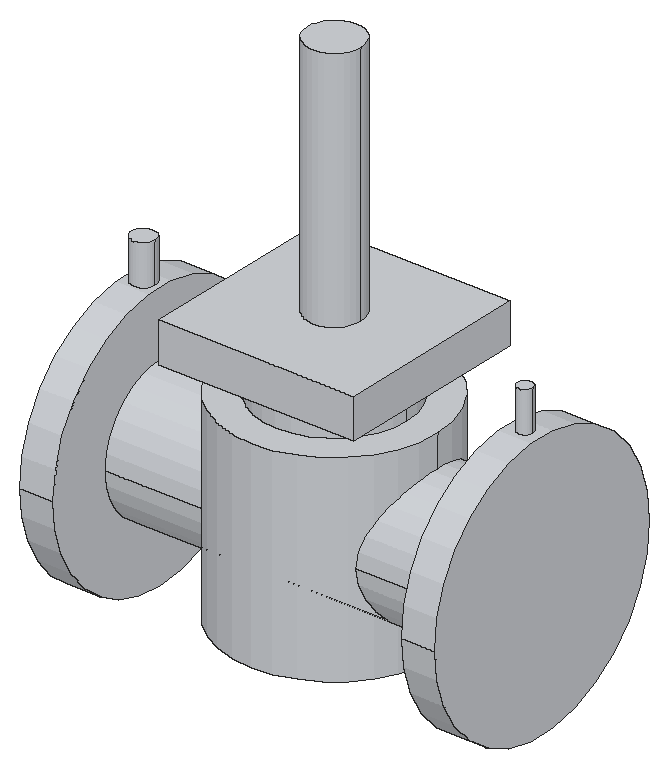
Revit family "OPTIMA_Compact_FLANGE_PN16_DN080-HF_RFA_2019", category Pipe Accessories, Revit 2019
Family settings
  Round Connector Dimension = Use Diameter
  Part Type = Valve - Breaks Into
  Work Plane-Based = No
  Always vertical = Yes
  Cut with Voids When Loaded = No
  Shared = No
Parameters (values of type "Optima Compact Flange PN16 DN080 HF")
  magiProductId = "Frese Optima Flange DN080 HF"
  magiProductFamilyId = "Frese Optima Flange *"
  magiPartTypeId = 304
  isMeasuringValve [instance] = no
  ang2D [instance] = 0.00°
  W2D = 50 mm
  VersionID = "2.0/2018.8.28.1/FRESE_OPTIMA_FLANGE_Q13_002"
  Use Minimum Symbol Size [instance] = yes
  URL = "www.hydronix.cz"
  Type Comments = "Přírubový; PN16; 0~120°C, s měřením"
  R4 = 54.25 mm
  R3 = 52 mm
  R1 = 77.5 mm
  QmdConnectorList = "301;D;302;D"
  Productdata [instance] = ""
  Manufacturer = "Hydronix"
  MC Product Code = "53-1212 (DN80 HF; 20mm; pohon min 1000N; Qmin-dpmin 7000l/h-23.0kPa; Qmax-dpmin 43000l/h-50.0kPa; dpmax 800kPa)"
  MC Piping Given Pressure Drop [instance] = 0.0 Pa
  LF__ve = -LF  # -24.8 mm
  LF2 = 12.4 mm
  LF = 24.8 mm
  L4 = 145.7 mm
  L3 = 260.4 mm
  L2D_Min = 3048 mm
  L2D = 230 mm
  L2 = 155 mm
  H6 = 183 mm
  H4 = 30 mm
  H3 = 25 mm
  H2 = 75 mm
  H1 = 150 mm
  Description = "Tlakově nezávislý 2-cestný regulační vyvažovací ventil (PICV)"
  DF2 = 100 mm
  D = 80 mm
  CAT0 = yes
Types (14, lengths in mm): name | magiProductId | magiProductFamilyId | W2D | Type Comments | R4 | R3 | R1 | MC Product Code | LF__ve | LF2 | LF | L4 | L3 | L2D | L2 | H6 | H4 | H3 | H2 | H1 | DF2 | D
  Optima Compact Flange PN16 DN050 LF | "Frese Optima Flange DN050 LF" | "Frese Optima Flange *" | 50 | "Přírubový; PN16; 0~120°C, s měřením" | 40.3 | 42.9 | 57.5 | "53-1200 (DN50 LF; 20mm; pohon min 1000N; Qmin-dpmin 2500l/h-6.5kPa; Qmax-dpmin 15000l/h-20.0kPa; dpmax 800kPa)" | -18.4 | 9.2 | 18.4 | 108.1 | 193.2 | 230 | 115 | 157.3 | 24.8 | 20.6 | 61.9 | 123.8 | 82.5 | 50
  Optima Compact Flange PN16 DN050 HF | "Frese Optima Flange DN050 HF" | "Frese Optima Flange *" | 50 | "Přírubový; PN16; 0~120°C, s měřením" | 40.25 | 42.9 | 57.5 | "53-1210 (DN50 HF; 20mm; pohon min 1000N; Qmin-dpmin 3900l/h-19.0kPa; Qmax-dpmin 24000l/h-50.0kPa; dpmax 800kPa)" | -18.4 | 9.2 | 18.4 | 108.1 | 193.2 | 230 | 115 | 157.25 | 24.75 | 20.625 | 61.875 | 123.75 | 82.5 | 50
  Optima Compact Flange PN16 DN065 LF | "Frese Optima Flange DN065 LF" | "Frese Optima Flange *" | 50 | "Přírubový; PN16; 0~120°C, s měřením" | 50.75 | 48.1 | 72.5 | "53-1201 (DN65 LF; 20mm; pohon min 1000N; Qmin-dpmin 4400l/h-15.0kPa; Qmax-dpmin 25000l/h-25.0kPa; dpmax 800kPa)" | -23.2 | 11.6 | 23.2 | 136.3 | 243.6 | 230 | 145 | 171.25 | 27.75 | 23.125 | 69.375 | 138.75 | 92.5 | 65
  Optima Compact Flange PN16 DN065 HF | "Frese Optima Flange DN065 HF" | "Frese Optima Flange *" | 50 | "Přírubový; PN16; 0~120°C, s měřením" | 50.75 | 48.1 | 72.5 | "53-1211 (DN65 HF; 20mm; pohon min 1000N; Qmin-dpmin 6000l/h-30.0kPa; Qmax-dpmin 35000l/h-55.0kPa; dpmax 800kPa)" | -23.2 | 11.6 | 23.2 | 136.3 | 243.6 | 230 | 145 | 171.25 | 27.75 | 23.125 | 69.375 | 138.75 | 92.5 | 65
  Optima Compact Flange PN16 DN080 LF | "Frese Optima Flange DN080 LF" | "Frese Optima Flange *" | 50 | "Přírubový; PN16; 0~120°C, s měřením" | 54.25 | 52 | 77.5 | "53-1202 (DN80 LF; 20mm; pohon min 1000N; Qmin-dpmin 5300l/h-16.0kPa; Qmax-dpmin 34000l/h-25.0kPa; dpmax 800kPa)" | -24.8 | 12.4 | 24.8 | 145.7 | 260.4 | 230 | 155 | 183 | 30 | 25 | 75 | 150 | 100 | 80
  Optima Compact Flange PN16 DN080 HF | "Frese Optima Flange DN080 HF" | "Frese Optima Flange *" | 50 | "Přírubový; PN16; 0~120°C, s měřením" | 54.25 | 52 | 77.5 | "53-1212 (DN80 HF; 20mm; pohon min 1000N; Qmin-dpmin 7000l/h-23.0kPa; Qmax-dpmin 43000l/h-50.0kPa; dpmax 800kPa)" | -24.8 | 12.4 | 24.8 | 145.7 | 260.4 | 230 | 155 | 183 | 30 | 25 | 75 | 150 | 100 | 80
  Optima Compact Flange PN16 DN100 LF | "Frese Optima Flange DN100 LF" | "Frese Optima Flange *" | 50 | "Přírubový; PN16; 0~120°C, s měřením" | 61.25 | 61.1 | 87.5 | "53-1203 (DN100 LF; 40mm; pohon min 1000N; Qmin-dpmin 12100l/h-20.0kPa; Qmax-dpmin 68000l/h-35.0kPa; dpmax 800kPa)" | -28 | 14 | 28 | 164.5 | 294 | 230 | 175 | 268.75 | 35.25 | 29.375 | 88.125 | 176.25 | 117.5 | 100
  Optima Compact Flange PN16 DN100 HF | "Frese Optima Flange DN100 HF" | "Frese Optima Flange *" | 50 | "Přírubový; PN16; 0~120°C, s měřením" | 61.25 | 61.1 | 87.5 | "53-1213 (DN100 HF; 40mm; pohon min 1000N; Qmin-dpmin 14800l/h-30.0kPa; Qmax-dpmin 90000l/h-75.0kPa; dpmax 800kPa)" | -28 | 14 | 28 | 164.5 | 294 | 230 | 175 | 268.75 | 35.25 | 29.375 | 88.125 | 176.25 | 117.5 | 100
  Optima Compact Flange PN16 DN125 LF | "Frese Optima Flange DN125 LF" | "Frese Optima Flange *" | 50 | "Přírubový; PN16; 0~120°C, s měřením" | 70 | 70.2 | 100 | "53-1204 (DN125 LF; 40mm; pohon min 1000N; Qmin-dpmin 18500l/h-16.0kPa; Qmax-dpmin 110000l/h-35.0kPa; dpmax 800kPa)" | -32 | 16 | 32 | 188 | 336 | 230 | 200 | 275.5 | 40.5 | 33.75 | 101.25 | 202.5 | 135 | 125
  Optima Compact Flange PN16 DN125 HF | "Frese Optima Flange DN125 HF" | "Frese Optima Flange *" | 50 | "Přírubový; PN16; 0~120°C, s měřením" | 70 | 70.2 | 100 | "53-1214 (DN125 HF; 40mm; pohon min 1000N; Qmin-dpmin 23000l/h-27.0kPa; Qmax-dpmin 135000l/h-53.0kPa; dpmax 800kPa)" | -32 | 16 | 32 | 188 | 336 | 230 | 200 | 275.5 | 40.5 | 33.75 | 101.25 | 202.5 | 135 | 125
  Optima Compact Flange PN16 DN150 LF | "Frese Optima Flange DN150 LF" | "Frese Optima Flange *" | 50 | "Přírubový; PN16; 0~110°C, s měřením" | 84 | 74.1 | 120 | "53-1205 (DN150 LF; 43mm; pohon min 1500N; Qmin-dpmin 25600l/h-21.0kPa; Qmax-dpmin 148000l/h-35.0kPa; dpmax 800kPa)" | -38.4 | 19.2 | 38.4 | 225.6 | 403.2 | 230 | 240 | 279.25 | 42.75 | 35.625 | 106.875 | 213.75 | 142.5 | 150
  Optima Compact Flange PN16 DN150 HF | "Frese Optima Flange DN150 HF" | "Frese Optima Flange *" | 50 | "Přírubový; PN16; 0~110°C, s měřením" | 84 | 74.1 | 120 | "53-1215 (DN150 HF; 43mm; pohon min 1500N; Qmin-dpmin 32000l/h-33.0kPa; Qmax-dpmin 195000l/h-65.0kPa; dpmax 800kPa)" | -38.4 | 19.2 | 38.4 | 225.6 | 403.2 | 230 | 240 | 279.25 | 42.75 | 35.625 | 106.875 | 213.75 | 142.5 | 150
  Optima Compact Flange PN16 DN200 LF | "" | "" | 100 | "Přírubový; PN16; 0~110°C, s měřením" | 164.5 | 98.8 | 235 | "53-1206 (DN200 LF; 43mm; pohon min 1500N; Qmin-dpmin 95000l/h-11.0kPa; Qmax-dpmin 210000l/h-32.0kPa; dpmax 800kPa)" | -48 | 24 | 48 | 282 | 504 | 350 | 300 | 281 | 57 | 15 | 209 | 380 | 190 | 200
  Optima Compact Flange PN16 DN200 HF | "" | "" | 100 | "Přírubový; PN16; 0~110°C, s měřením" | 164.5 | 98.8 | 235 | "53-1216 (DN200 HF; 43mm; pohon min 1500N; Qmin-dpmin 130000l/h-31.0kPa; Qmax-dpmin 280000l/h-78.0kPa; dpmax 800kPa)" | -48 | 24 | 48 | 282 | 504 | 350 | 300 | 281 | 57 | 15 | 209 | 380 | 190 | 200
Reference planes
  plane 1 "Center (Front/Back)": y = 0
  plane 2 "XYPLANE": z = 0
  plane 3 "Center (Left/Right)": x = 0
  plane 4 "157": x = 142.6
  plane 5 "156": x = -142.6
  plane 6 "155": z = 100
  plane 7 "154": z = 130
  plane 8 "153": z = 100
  plane 9 "152": z = 75
  plane 10 "151": x = -130.2
  plane 11 "150": z = -75
  plane 12 "149": x = 0
  plane 13 "148": y = 0
  plane 14 "147": z = 0
  plane 15 "146": x = -155
  plane 16 "145": x = 155
Forms (mm)
  Extrusion 1, solid, visible <- "CAT0"
    sketch origin (-750, 0, 100) x (1, 0, 0) y (0, 1, 0)
      loop
        circle (892.6, 0) r 5.5
    from 0 to 30
  Extrusion 2, solid, visible <- "CAT0"
    sketch origin (-750, 0, 100) x (1, 0, 0) y (0, 1, 0)
      loop
        circle (607.4, 0) r 8.7
    from 0 to 30
  Extrusion 3, solid, visible <- "CAT0"
    sketch origin (-750, 0, 130) x (1, 0, 0) y (0, 1, 0)
      loop
        circle (750, 0) r 20
    from 0 to 183 <- "H6"
  Extrusion 4, solid, visible <- "CAT0"
    sketch origin (-750, 0, 100) x (1, 0, 0) y (0, 1, 0)
      loop
        line (822.85, 72.85) -> (677.15, 72.85) -> (677.15, -72.85) -> (822.85, -72.85) -> (822.85, 72.85)
    from 0 to 30 <- "H4"
  Extrusion 5, solid, visible <- "CAT0"
    sketch origin (-750, 0, 75) x (1, 0, 0) y (0, 1, 0)
      loop
        circle (750, 0) r 54.25
    from 0 to 25 <- "H3"
  Extrusion 6, solid, visible <- "CAT0"
    sketch origin (-130.2, -750, 0) x (0, 1, 0) y (0, 0, 1)
      loop
        circle (750, 0) r 52
    from 0 to 260.4 <- "L3"
  Extrusion 7, solid, visible <- "CAT0"
    sketch origin (-750, 0, -75) x (1, 0, 0) y (0, 1, 0)
      loop
        circle (750, 0) r 77.5
    from 0 to 150 <- "H1"
  Extrusion 8, solid, visible <- "CAT0"
    sketch origin (-155, -750, 0) x (0, 1, 0) y (0, 0, 1)
      loop
        circle (750, 0) r 100
    from 0 to 24.8 <- "LF"
  Extrusion 9, solid, visible <- "CAT0"
    sketch origin (155, -750, 0) x (0, 1, 0) y (0, 0, 1)
      loop
        circle (750, 0) r 100
    from 0 to -24.8 <- "LF__ve"
  Extrusion 10, solid, not visible
    sketch origin (-155, -750, 0) x (0, 1, 0) y (0, 0, 1)
      loop
        circle (750, 0) r 10
    from 0 to 10
  Extrusion 11, solid, not visible
    sketch origin (155, -750, 0) x (0, 1, 0) y (0, 0, 1)
      loop
        circle (750, 0) r 10
    from 0 to -10
Lines and regions (mm)
  reference lines, not visible
    curve 1: circle (2, 2, 0) r 1 normal (0, 0, 1)
  reference lines
    curve 2: circle (0, 0, 100) r 1 normal (0, 0, 1)
Dimensions and locks
  plane 1 "Center (Front/Back)" to curve 1 = 2 mm
  "LF2": plane 16 "145" to plane 4 "157"
  "LF2": plane 15 "146" to plane 5 "156"
  "DF2": plane 2 "XYPLANE" to plane 6 "155"
  "H4": plane 8 "153" to plane 7 "154"
  "H3": plane 9 "152" to plane 8 "153"
  "H1": plane 11 "150" to plane 9 "152"
  "LF": plane 15 "146" to plane 10 "151"
  "H2": plane 2 "XYPLANE" to plane 11 "150"
  locked: plane 3 "Center (Left/Right)" to plane 12 "149"
  locked: plane 1 "Center (Front/Back)" to plane 13 "148"
  locked: plane 2 "XYPLANE" to plane 14 "147"
  "L2": plane 3 "Center (Left/Right)" to plane 15 "146"
  "L2": plane 3 "Center (Left/Right)" to plane 16 "145"
  equal spacing: Extrusion 4 sketch curve, curve 2, Extrusion 4 sketch curve  (x2)
  "L4": Extrusion 4 sketch curve to Extrusion 4 sketch curve  (x2)
  Extrusion 4 sketch curve to Extrusion 4 sketch curve = 0 mm  (x8)
  "R4": radius of Extrusion 5 sketch curve
  "R3": radius of Extrusion 6 sketch curve
  "R1": radius of Extrusion 7 sketch curve
  "DF2": radius of Extrusion 8 sketch curve
  "DF2": radius of Extrusion 9 sketch curve
  aligned and locked: level to plane 2 "XYPLANE"
  aligned and locked: plane 4 "157" to Extrusion 1 sketch curve
  aligned and locked: plane 13 "148" to Extrusion 1 sketch curve
  aligned and locked: plane 5 "156" to Extrusion 2 sketch curve
  aligned and locked: plane 13 "148" to Extrusion 2 sketch curve
  aligned and locked: plane 12 "149" to Extrusion 3 sketch curve
  aligned and locked: plane 13 "148" to Extrusion 3 sketch curve
  aligned and locked: plane 12 "149" to curve 2
  aligned and locked: plane 13 "148" to curve 2
  aligned and locked: plane 12 "149" to Extrusion 5 sketch curve
  aligned and locked: plane 13 "148" to Extrusion 5 sketch curve
  aligned and locked: Extrusion 6 sketch curve to plane 13 "148"
  aligned and locked: plane 14 "147" to Extrusion 6 sketch curve
  aligned and locked: plane 12 "149" to Extrusion 7 sketch curve
  aligned and locked: plane 13 "148" to Extrusion 7 sketch curve
  aligned and locked: Extrusion 8 sketch curve to plane 13 "148"
  aligned and locked: plane 14 "147" to Extrusion 8 sketch curve
  aligned and locked: Extrusion 9 sketch curve to plane 13 "148"
  aligned and locked: plane 14 "147" to Extrusion 9 sketch curve
  aligned and locked: Extrusion 10 sketch curve to plane 13 "148"
  aligned and locked: plane 14 "147" to Extrusion 10 sketch curve
  aligned and locked: Extrusion 11 sketch curve to plane 13 "148"
  aligned and locked: plane 14 "147" to Extrusion 11 sketch curve
Automatic sketch dimensions
  Extrusion 1 sketch curve to plane 4 "157" = 5.5 mm
  plane 15 "146" to Extrusion 2 sketch curve = 3.7 mm
  Extrusion 3 sketch curve to plane 3 "Center (Left/Right)" = 20 mm
  plane 1 "Center (Front/Back)" to Extrusion 10 sketch curve = 10 mm
  plane 1 "Center (Front/Back)" to Extrusion 11 sketch curve = 10 mm
  plane 3 "Center (Left/Right)" to curve 1 = 2 mm
  plane 10 "151" to Extrusion 4 sketch curve = 57.35 mm
  plane 1 "Center (Front/Back)" to Extrusion 4 sketch curve = 72.85 mm
  radius of curve 2 = 1 mm
  radius of curve 1 = 1 mm
Connectors
  piping at (-155, 0, 0), diameter 80, driven by "D"
    settings: on Extrusion 10, index 1, connector inside diameter 609.6 mm, connector length 0 mm, flow factor 0, pipe flow 0.0 L/s, pressure drop 0.0 Pa, fitting loss kfactor 0, connector angle 0.00°, fixture units 0, engagement length 0 mm, angle of deflection 0.00°, flow configuration 0, flow direction 0, fitting loss method 0, system type 29, joint type 0, gender type 0, connector reference index 2, connector utility 0, adjustable connector no, is connector primary yes, connector description ""
  piping at (155, 0, 0), diameter 80, driven by "D"
    settings: on Extrusion 11, index 2, connector inside diameter 609.6 mm, connector length 0 mm, flow factor 0, pipe flow 0.0 L/s, pressure drop 0.0 Pa, fitting loss kfactor 0, connector angle 0.00°, fixture units 0, engagement length 0 mm, angle of deflection 0.00°, flow configuration 0, flow direction 0, fitting loss method 0, system type 29, joint type 0, gender type 0, connector reference index 1, connector utility 0, adjustable connector no, is connector primary no, connector description ""
